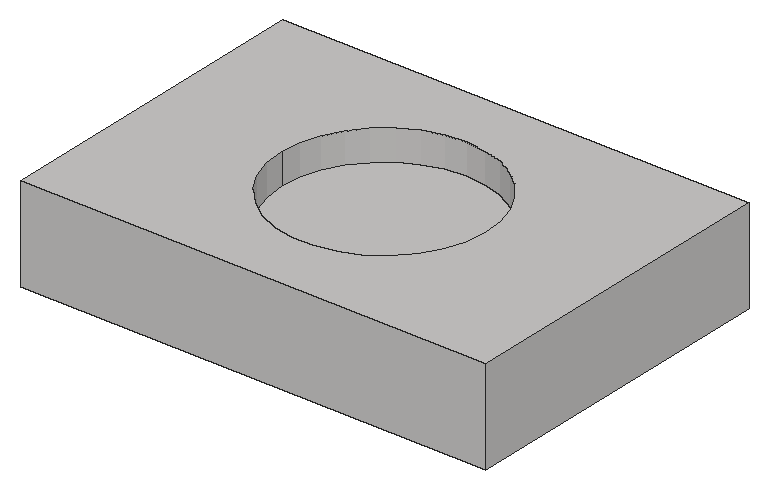
Revit family "KEUCO_04976010000_", category Generic Models, Revit 2016
Family settings
  Part Type = Normal
  Can host rebar = No
  Round Connector Dimension = Use Diameter
  Work Plane-Based = Yes
  Always vertical = No
  Cut with Voids When Loaded = No
  Shared = No
  Room Calculation Point = No
Parameters
  Verwendung = ""
  URL = "https://www.keuco.com"
  Preisgruppe = ""
  Materialien bei Hersteller anfragen = "Anfrage zu:  objektmanagement@keuco.de"
  Kategorie = ""
  Höhe = 96 mm
  Gewicht = 0
  Description = "--"
  Default Elevation = 1219.2 mm
  Serie = "Plan"  # constant formula
  Stange Material = Edelstahl-Oberfläche
  Breite = 136 mm
  Manufacturer = "KEUCO"  # constant formula
  Assembly Code = "\r\nHochglanzverchromter Badetuchhalter in ästhetischem, funktionalem Design\r\nantistatisch, leicht zu reinigen\r\nAchsmaß 800 mm, bei einer Gesamtbreite von 851 mm\r\nAusladung 67 mm\r\nDer Badetuchhalter wird verdeckt angebracht\r\nLieferung inkl. korrosionsfreiem Befestigungsmaterial "
  Ausschreibungstext = ""
  Artikelnummer = "04976170000"
Types (4, lengths in mm): name | URL | Materialien bei Hersteller anfragen | Description | Stange Material | Ausschreibungstext | Artikelnummer
  (no name) | "https://www.keuco.com" | "Anfrage zu:  objektmanagement@keuco.de" | "--" | Edelstahl-Oberfläche | "" | "04976170000"
  04976010000 | "https://www.keuco.com/de/produkte/sortiment/artikel/?pid=04976&oid=1&pgo=12&country=de&lang=de&vid=04976010000" | "Request to:  objektmanagement@keuco.de" | "ABS-Kunststoff für max. 25 Hygienebeutel\r\ninklusive Erstausstattung Hygienebeutel (25 Stück)" | Verchromt | "KEUCO Hygienebeutelspender 04976010000\r\nZeitloser Hygienebeutelspender aus hochfestem ABS Kunststoff verchromt  \r\nzur Wandmontage, für max. 25 Hygienebeutel\r\ninklusive Erstausstattung Hygienebeutel (25 Stück)\r\nHöhe 96 mm, Breite 136 mm, Tiefe 28 mm\r\nDer Hygienebeutelspender wird an 2 Punkten verdeckt angebracht,\r\nLieferung inkl. korrosionsfreiem Befestigungsmaterial" | "04976010000"
  04976070000 | "https://www.keuco.com/de/produkte/sortiment/artikel/?pid=04976&oid=1&pgo=12&country=de&lang=de&vid=04976070000" | "Request to:  objektmanagement@keuco.de" | "ABS-Kunststoff für max. 25 Hygienebeutel\r\ninklusive Erstausstattung Hygienebeutel (25 Stück)" | Edelstahl-finish | "KEUCO Hygienebeutelspender 04976070000\r\nZeitloser Hygienebeutelspender aus hochfestem ABS Kunststoff in Edelstahl-finish \r\nzur Wandmontage, für max. 25 Hygienebeutel\r\ninklusive Erstausstattung Hygienebeutel (25 Stück)\r\nHöhe 96 mm, Breite 136 mm, Tiefe 28 mm\r\nDer Hygienebeutelspender wird an 2 Punkten verdeckt angebracht,\r\nLieferung inkl. korrosionsfreiem Befestigungsmaterial" | "04976070000"
  04976170000 | "https://www.keuco.com/de/produkte/sortiment/artikel/?pid=04976&oid=1&pgo=12&country=de&lang=de&vid=04976170000" | "Request to:  objektmanagement@keuco.de" | "ABS-Kunststoff für max. 25 Hygienebeutel\r\ninklusive Erstausstattung Hygienebeutel (25 Stück)" | Aluminium-finish | "KEUCO Hygienebeutelspender 04976170000\r\nZeitloser Hygienebeutelspender aus hochfestem ABS Kunststoff in Aluminium-finish \r\nzur Wandmontage, für max. 25 Hygienebeutel\r\ninklusive Erstausstattung Hygienebeutel (25 Stück)\r\nHöhe 96 mm, Breite 136 mm, Tiefe 28 mm\r\nDer Hygienebeutelspender wird an 2 Punkten verdeckt angebracht,\r\nLieferung inkl. korrosionsfreiem Befestigungsmaterial" | "04976170000"
Reference planes
  plane 1 "Center (Front/Back)": y = 0
  plane 2: z = 0
  plane 3 "Center (Left/Right)": x = 0
  plane 4: x = -68
  plane 5: x = 68
  plane 6: y = 48
  plane 7: y = -48
  plane 8: z = 27.702
Forms (mm)
  Extrusion 1, solid, material "Edelstahl-Oberfläche" <- "Stange Material"
    sketch origin (0, 0, 0) x (1, 0, 0) y (0, 1, 0)
      loop
        line (-68, 48) -> (-68, -48) -> (68, -48) -> (68, 48) -> (-68, 48)
    from 0 to 27.702
  Extrusion 2, void
    sketch origin (0, 0, 0) x (1, 0, 0) y (0, 1, 0)
      loop
        circle (0, 0) r 30
    from 18.681 to 36.806
Cuts and joins
  Extrusion 2 cuts Extrusion 1
Dimensions and locks
  equal spacing: plane 4, plane 3 "Center (Left/Right)", plane 5
  equal spacing: plane 6, plane 1 "Center (Front/Back)", plane 7
  "Breite": plane 4 to plane 5
  "Höhe": plane 7 to plane 6
  locked: plane 8 to level at 27.702
  aligned and locked: level to plane 2
  aligned and locked: plane 6 to Extrusion 1
  aligned and locked: plane 7 to Extrusion 1
  aligned and locked: Extrusion 1 to plane 5
  aligned and locked: Extrusion 1 to plane 4
  aligned and locked: plane 8 to Extrusion 1
  aligned and locked: Extrusion 1 to plane 2
Automatic sketch dimensions
  Extrusion 1 sketch curve to plane 4 = 0 mm
  Extrusion 1 sketch curve to plane 5 = 0 mm
  plane 7 to Extrusion 1 sketch curve = 0 mm
  plane 6 to Extrusion 1 sketch curve = 0 mm
  plane 1 "Center (Front/Back)" to Extrusion 2 sketch curve = 0 mm
  Extrusion 2 sketch curve to plane 3 "Center (Left/Right)" = 0 mm
  radius of Extrusion 2 sketch curve = 30 mm
